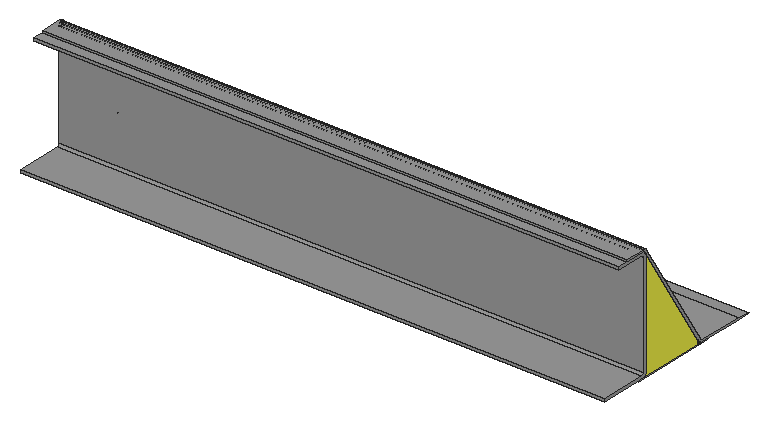
Revit family "XCFS K 150 WOL", category Generic Models, Revit 2014
Parameters (values of type "Max lintel length 3600mm")
  URL = "http://www.keystonelintels.co.uk"
  Structural Opening [instance] = 900 mm
  Structural Performance = "The Keystone lintel range has safe working loads as detailed in each applicable loading table in the Keystone Lintel Guide brochure. The structural performance figures within each table have been ascertained by testing in accordance with the requirements of standards BS EN 5977-2: 1983 and BS EN 845-2: 2003."
  RIBA Productor Selector = "available for Keystone Lintels Ltd from Keystone Lintels Ltd from ribaproductselector.com"
  Model = "XCFS/K 150 WOL"
  Min Length = 600 mm
  Min Clear Span = 300 mm
  Max Length = 3600 mm
  Max Clear Span = 3600 mm
  Material - Stainless Steel = "Grade 304 2b 1.4307 to BS EN 10088-2. Other grades available on request: contact manufacturer."
  Material - Galvanised Steel = "To BS EN 10346: 2009. DX51D plus Z600 or grade Z275 to BS 5977-2: 1983 (BS EN 845-2: 2003)."
  Manufacturer = "Keystone"
  Manufactured Length [instance] = (roundup(Effective Length / 150 mm) * 150 mm)  # 1200 mm
  Lintel height [instance] = 2100 mm
  Keynote = "F30/755"
  Fire Performance = "Keystone lintels have been subjected to a fire test (WARRES No. 101263) in accordance with BS 476-20: 1987, at Exova Warrington Fire and achieved a one hour fire performance."
  End Bearing = 150 mm
  Effective Length [instance] = Clear Opening with MIN MAX set + End Bearing * 2  # 1200 mm
  Corrosion = "Keystone’s standard range of lintels are manufactured from high quality grade pre-galvanized carbon steel with a zinc coating of 600"
  Contact Tel = "+44 (0)28 8676 2184"
  Contact Email = "info@keystonelintels.co.uk"
  Clear Opening with MIN MAX set [instance] = if(Structural Opening < Min Clear Span, Min Clear Span, (if(Structural Opening > Max Clear Span, Max Clear Span, Structural Opening)))  # 900 mm
  CPD Information = "Available for Keystone Lintels Ltd from ribacpd.com"
Reference planes
  plane 1 "Center (Front/Back)": y = 0
  plane 2: z = 0
  plane 3 "Center (Left/Right)": x = 0
  plane 4: x = -600
  plane 5: x = 600
  plane 6: z = 2100
  plane 7: x = -450
  plane 8: x = 450
Forms (mm)
  Extrusion 1, solid, material "Steel"
    sketch origin (0, 728.179, -493.091) x (0, 1, 0) y (0, 0, 1)
      loop
        line (-558.023, 2593.091) -> (-533.078, 2592.24) -> (-532.968, 2595.438) -> (-557.968, 2596.291) -> (-651.361, 2596.291)
        arc (-651.361, 2596.291) -> (-654.053, 2597.042) -> (-655.967, 2599.077) r 5.2
        line (-655.967, 2599.077) -> (-794.723, 2825.605)
        arc (-794.723, 2825.605) -> (-796.637, 2827.641) -> (-799.328, 2828.391) r 5.2
        line (-799.328, 2828.391) -> (-844.391, 2828.391) -> (-844.391, 2825.191) -> (-799.328, 2825.191)
        arc (-799.328, 2825.191) -> (-798.293, 2824.902) -> (-797.557, 2824.12) r 2
        line (-797.557, 2824.12) -> (-658.801, 2597.591)
        arc (-658.801, 2597.591) -> (-655.709, 2594.304) -> (-651.361, 2593.091) r 8.4
        line (-651.361, 2593.091) -> (-558.023, 2593.091)
    from -600 to 600
  Extrusion 2, solid, material "Steel"
    sketch origin (0, 728.179, -493.091) x (0, 1, 0) y (0, 0, 1)
      loop
        arc (-806.004, 2593.091) -> (-798.933, 2596.02) -> (-796.004, 2603.091) r 10
        line (-796.004, 2603.091) -> (-796.004, 2815.191)
        arc (-796.004, 2815.191) -> (-798.933, 2822.262) -> (-806.004, 2825.191) r 10
        line (-806.004, 2825.191) -> (-866.004, 2825.191) -> (-866.004, 2820.191) -> (-806.004, 2820.191)
        arc (-806.004, 2820.191) -> (-802.468, 2818.727) -> (-801.004, 2815.191) r 5
        line (-801.004, 2815.191) -> (-801.004, 2603.091)
        arc (-801.004, 2603.091) -> (-802.468, 2599.556) -> (-806.004, 2598.091) r 5
        line (-806.004, 2598.091) -> (-901.004, 2598.091) -> (-901.004, 2593.091) -> (-806.004, 2593.091)
    from -600 to 600
  Extrusion 3, solid, material "Steel"
    sketch origin (0, 728.179, -493.091) x (0, 1, 0) y (0, 0, 1)
      loop
        line (-639.642, 2592.091) -> (-639.642, 2593.091) -> (-661.642, 2593.091) -> (-661.642, 2601.091) -> (-662.642, 2601.091) -> (-662.642, 2593.091) -> (-814.673, 2593.091) -> (-814.673, 2592.091) -> (-639.642, 2592.091)
    from -600 to 600
  Extrusion 4, solid, material "Insulation"
    sketch origin (0, 728.179, -493.091) x (0, 1, 0) y (0, 0, 1)
      loop
        line (-661.642, 2593.091) -> (-651.361, 2593.091)
        arc (-651.361, 2593.091) -> (-655.709, 2594.304) -> (-658.801, 2597.591) r 8.4
        line (-658.801, 2597.591) -> (-797.557, 2824.12)
        arc (-797.557, 2824.12) -> (-798.293, 2824.902) -> (-799.328, 2825.191) r 2
        line (-799.328, 2825.191) -> (-806.004, 2825.191)
        arc (-806.004, 2825.191) -> (-798.933, 2822.262) -> (-796.004, 2815.191) r 10
        line (-796.004, 2815.191) -> (-796.004, 2603.091)
        arc (-796.004, 2603.091) -> (-798.933, 2596.02) -> (-806.004, 2593.091) r 10
        line (-806.004, 2593.091) -> (-662.642, 2593.091) -> (-662.642, 2601.091) -> (-661.642, 2601.091) -> (-661.642, 2593.091)
    from -600 to 600
  Extrusion 5, solid, not visible
    sketch origin (0, 907.393, 1263.171) x (0, 1, 0) y (0, 0, 1)
      loop
        line (-558.023, 993.091) -> (-533.078, 992.24) -> (-532.968, 995.438) -> (-557.968, 996.291) -> (-651.361, 996.291)
        arc (-651.361, 996.291) -> (-654.053, 997.042) -> (-655.967, 999.077) r 5.2
        line (-655.967, 999.077) -> (-794.723, 1225.605)
        arc (-794.723, 1225.605) -> (-796.637, 1227.641) -> (-799.328, 1228.391) r 5.2
        line (-799.328, 1228.391) -> (-844.391, 1228.391) -> (-844.391, 1225.191) -> (-799.328, 1225.191)
        arc (-799.328, 1225.191) -> (-798.293, 1224.902) -> (-797.557, 1224.12) r 2
        line (-797.557, 1224.12) -> (-658.801, 997.591)
        arc (-658.801, 997.591) -> (-655.709, 994.304) -> (-651.361, 993.091) r 8.4
        line (-651.361, 993.091) -> (-558.023, 993.091)
    from 0 to 250
  Extrusion 6, solid, not visible
    sketch origin (0, 707.758, 1282.868) x (0, 1, 0) y (0, 0, 1)
      loop
        arc (-806.004, 993.091) -> (-798.933, 996.02) -> (-796.004, 1003.091) r 10
        line (-796.004, 1003.091) -> (-796.004, 1215.191)
        arc (-796.004, 1215.191) -> (-798.933, 1222.262) -> (-806.004, 1225.191) r 10
        line (-806.004, 1225.191) -> (-866.004, 1225.191) -> (-866.004, 1220.191) -> (-806.004, 1220.191)
        arc (-806.004, 1220.191) -> (-802.468, 1218.727) -> (-801.004, 1215.191) r 5
        line (-801.004, 1215.191) -> (-801.004, 1003.091)
        arc (-801.004, 1003.091) -> (-802.468, 999.556) -> (-806.004, 998.091) r 5
        line (-806.004, 998.091) -> (-901.004, 998.091) -> (-901.004, 993.091) -> (-806.004, 993.091)
    from 0 to 250
  Extrusion 7, solid, not visible
    sketch origin (0, 1008.379, 1007.098) x (0, 1, 0) y (0, 0, 1)
      loop
        line (-639.642, 992.091) -> (-639.642, 993.091) -> (-661.642, 993.091) -> (-661.642, 1001.091) -> (-662.642, 1001.091) -> (-662.642, 993.091) -> (-814.673, 993.091) -> (-814.673, 992.091) -> (-639.642, 992.091)
    from 0 to 250
  Extrusion 8, solid, not visible
    sketch origin (0, 644.346, 850.817) x (0, 1, 0) y (0, 0, 1)
      loop
        line (-661.642, 993.091) -> (-651.361, 993.091)
        arc (-651.361, 993.091) -> (-655.709, 994.304) -> (-658.801, 997.591) r 8.4
        line (-658.801, 997.591) -> (-797.557, 1224.12)
        arc (-797.557, 1224.12) -> (-798.293, 1224.902) -> (-799.328, 1225.191) r 2
        line (-799.328, 1225.191) -> (-806.004, 1225.191)
        arc (-806.004, 1225.191) -> (-798.933, 1222.262) -> (-796.004, 1215.191) r 10
        line (-796.004, 1215.191) -> (-796.004, 1003.091)
        arc (-796.004, 1003.091) -> (-798.933, 996.02) -> (-806.004, 993.091) r 10
        line (-806.004, 993.091) -> (-662.642, 993.091) -> (-662.642, 1001.091) -> (-661.642, 1001.091) -> (-661.642, 993.091)
    from 0 to 250
Dimensions and locks
  equal spacing: plane 4, plane 3 "Center (Left/Right)", plane 5
  "Manufactured Length": plane 4 to plane 5
  "Lintel height": plane 6 to level
  "Structural Opening": plane 7 to plane 8
  equal spacing: plane 7, plane 3 "Center (Left/Right)", plane 8
  aligned and locked: level to plane 2
  aligned and locked: Extrusion 1 to plane 6
  aligned and locked: Extrusion 4 to plane 6
  aligned and locked: Extrusion 2 to plane 6
  aligned and locked: plane 6 to Extrusion 3
  aligned and locked: plane 5 to Extrusion 2
  aligned and locked: Extrusion 2 to plane 4
  aligned and locked: plane 5 to Extrusion 1
  aligned and locked: Extrusion 1 to plane 4
  aligned and locked: plane 5 to Extrusion 4
  aligned and locked: Extrusion 4 to plane 4
  aligned and locked: plane 5 to Extrusion 3
  aligned and locked: Extrusion 3 to plane 4
Automatic sketch dimensions
  Extrusion 1 sketch curve to Extrusion 1 sketch curve = 93.338 mm
  Extrusion 1 sketch curve to Extrusion 1 sketch curve = 24.945 mm
  Extrusion 1 sketch curve to Extrusion 1 sketch curve = 0.851 mm
  Extrusion 1 sketch curve to Extrusion 1 sketch curve = 0.109 mm
  Extrusion 1 sketch curve to Extrusion 1 sketch curve = 0.055 mm
  Extrusion 1 sketch curve to Extrusion 1 sketch curve = 0 mm  (x8)
  Extrusion 1 sketch curve to Extrusion 1 sketch curve = 5.2 mm
  Extrusion 1 sketch curve to Extrusion 1 sketch curve = 7.44 mm
  Extrusion 1 sketch curve to Extrusion 1 sketch curve = 2.834 mm  (x2)
  Extrusion 1 sketch curve to Extrusion 1 sketch curve = 135.921 mm
  Extrusion 1 sketch curve to Extrusion 1 sketch curve = 228.015 mm
  Extrusion 1 sketch curve to Extrusion 1 sketch curve = 1.486 mm
  Extrusion 1 sketch curve to Extrusion 1 sketch curve = 1.771 mm
  Extrusion 1 sketch curve to Extrusion 1 sketch curve = 0.929 mm
  Extrusion 1 sketch curve to Extrusion 1 sketch curve = 45.062 mm
  Extrusion 2 sketch curve to Extrusion 2 sketch curve = 95 mm
  Extrusion 2 sketch curve to Extrusion 2 sketch curve = 5 mm  (x3)
  Extrusion 2 sketch curve to Extrusion 2 sketch curve = 0 mm  (x8)
  Extrusion 2 sketch curve to Extrusion 2 sketch curve = 212.1 mm
  Extrusion 2 sketch curve to Extrusion 2 sketch curve = 60 mm
  Extrusion 3 sketch curve to Extrusion 3 sketch curve = 175.031 mm
  Extrusion 3 sketch curve to Extrusion 3 sketch curve = 1 mm  (x2)
  Extrusion 3 sketch curve to Extrusion 3 sketch curve = 22 mm
  Extrusion 3 sketch curve to Extrusion 3 sketch curve = 8 mm
  Extrusion 3 sketch curve to Extrusion 3 sketch curve = 0 mm
  Extrusion 4 sketch curve to Extrusion 4 sketch curve = 7.44 mm
  Extrusion 4 sketch curve to Extrusion 4 sketch curve = 2.841 mm
  Extrusion 4 sketch curve to Extrusion 4 sketch curve = 0 mm  (x4)
  Extrusion 4 sketch curve to Extrusion 4 sketch curve = 3.9 mm
  Extrusion 4 sketch curve to Extrusion 4 sketch curve = 138.756 mm
  Extrusion 4 sketch curve to Extrusion 4 sketch curve = 226.529 mm
  Extrusion 4 sketch curve to Extrusion 4 sketch curve = 3.5 mm
  Extrusion 4 sketch curve to Extrusion 4 sketch curve = 1 mm
  Extrusion 4 sketch curve to Extrusion 4 sketch curve = 143.362 mm
  Extrusion 4 sketch curve to Extrusion 4 sketch curve = 10 mm  (x3)
  Extrusion 4 sketch curve to Extrusion 4 sketch curve = 8.929 mm
  Extrusion 4 sketch curve to Extrusion 4 sketch curve = 1.771 mm
  Extrusion 4 sketch curve to Extrusion 4 sketch curve = 4.5 mm
  Extrusion 4 sketch curve to Extrusion 4 sketch curve = 0.929 mm
  Extrusion 5 sketch curve to Extrusion 5 sketch curve = 93.338 mm
  Extrusion 5 sketch curve to Extrusion 5 sketch curve = 24.945 mm
  Extrusion 5 sketch curve to Extrusion 5 sketch curve = 0.851 mm
  Extrusion 5 sketch curve to Extrusion 5 sketch curve = 0.109 mm
  Extrusion 5 sketch curve to Extrusion 5 sketch curve = 0.055 mm
  Extrusion 5 sketch curve to Extrusion 5 sketch curve = 0 mm  (x8)
  Extrusion 5 sketch curve to Extrusion 5 sketch curve = 5.2 mm
  Extrusion 5 sketch curve to Extrusion 5 sketch curve = 7.44 mm
  Extrusion 5 sketch curve to Extrusion 5 sketch curve = 2.834 mm  (x2)
  Extrusion 5 sketch curve to Extrusion 5 sketch curve = 135.921 mm
  Extrusion 5 sketch curve to Extrusion 5 sketch curve = 228.015 mm
  Extrusion 5 sketch curve to Extrusion 5 sketch curve = 1.486 mm
  Extrusion 5 sketch curve to Extrusion 5 sketch curve = 1.771 mm
  Extrusion 5 sketch curve to Extrusion 5 sketch curve = 0.929 mm
  Extrusion 5 sketch curve to Extrusion 5 sketch curve = 45.062 mm
  Extrusion 6 sketch curve to Extrusion 6 sketch curve = 95 mm
  Extrusion 6 sketch curve to Extrusion 6 sketch curve = 5 mm  (x3)
  Extrusion 6 sketch curve to Extrusion 6 sketch curve = 0 mm  (x8)
  Extrusion 6 sketch curve to Extrusion 6 sketch curve = 212.1 mm
  Extrusion 6 sketch curve to Extrusion 6 sketch curve = 60 mm
  Extrusion 7 sketch curve to Extrusion 7 sketch curve = 175.031 mm
  Extrusion 7 sketch curve to Extrusion 7 sketch curve = 1 mm  (x2)
  Extrusion 7 sketch curve to Extrusion 7 sketch curve = 22 mm
  Extrusion 7 sketch curve to Extrusion 7 sketch curve = 8 mm
  Extrusion 7 sketch curve to Extrusion 7 sketch curve = 0 mm
  Extrusion 8 sketch curve to Extrusion 8 sketch curve = 7.44 mm
  Extrusion 8 sketch curve to Extrusion 8 sketch curve = 2.841 mm
  Extrusion 8 sketch curve to Extrusion 8 sketch curve = 0 mm  (x4)
  Extrusion 8 sketch curve to Extrusion 8 sketch curve = 3.9 mm
  Extrusion 8 sketch curve to Extrusion 8 sketch curve = 138.756 mm
  Extrusion 8 sketch curve to Extrusion 8 sketch curve = 226.529 mm
  Extrusion 8 sketch curve to Extrusion 8 sketch curve = 3.5 mm
  Extrusion 8 sketch curve to Extrusion 8 sketch curve = 1 mm
  Extrusion 8 sketch curve to Extrusion 8 sketch curve = 143.362 mm
  Extrusion 8 sketch curve to Extrusion 8 sketch curve = 10 mm  (x3)
  Extrusion 8 sketch curve to Extrusion 8 sketch curve = 8.929 mm
  Extrusion 8 sketch curve to Extrusion 8 sketch curve = 1.771 mm
  Extrusion 8 sketch curve to Extrusion 8 sketch curve = 4.5 mm
  Extrusion 8 sketch curve to Extrusion 8 sketch curve = 0.929 mm
  Extrusion 4 sketch curve to plane 6 = 0 mm
  plane 1 "Center (Front/Back)" to Extrusion 4 sketch curve = 77.825 mm
  Extrusion 2 sketch curve to plane 6 = 0 mm
  plane 1 "Center (Front/Back)" to Extrusion 2 sketch curve = 172.825 mm
  Extrusion 3 sketch curve to plane 6 = 0 mm
  plane 1 "Center (Front/Back)" to Extrusion 3 sketch curve = 86.494 mm
  Extrusion 1 sketch curve to plane 6 = 0 mm
  plane 1 "Center (Front/Back)" to Extrusion 1 sketch curve = 116.212 mm
